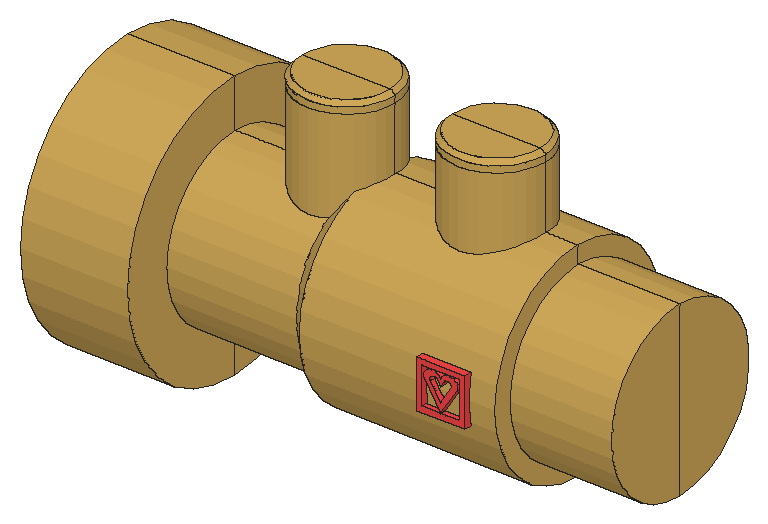
Revit family "HERZ Backflow Preventer 2623", category Rohrzubehör, Revit 2018
Family settings
  Bemaßung runder Anschluss = Durchmesser verwenden
  Teiletyp = Unterbricht
  OmniClass-Nummer = 23.65.55.14
  OmniClass-Titel = Valves for Liquid Services
  Arbeitsebenenbasiert = Nein
  Immer vertikal = Ja
  Beim Laden mit Abzugskörper schneiden = Nein
  Gemeinsam genutzt = Nein
Parameters
  Part number [instance] = size_lookup("2623_", "Artnr", 0, Nennweite)  # 1262304
  Note = "Pursuant to Article 33 of the REACH Regulation (EC No. 1907/2006), we are obliged to point out that the material lead is listed on the SVHC list and that all brass components manufactured in our products exceed 0.1% (w / w) lead (CAS: 7439-92-1 / EINECS: 231-100-4).\r\nSince lead is a component part of an alloy, actual exposure is not possible and therefore no additional information on safe use is necessary."
  Min. operating temperature (water) = 0.5 °C  # constant formula
  Min. operating temperature = -10 °C  # constant formula
  Max. operating temperature = 95 °C  # constant formula
  Max. operating pressure = 1600000.0 Pa  # constant formula
  W01 = 45.00°  # constant formula
  URL = "www.herzvalves.com"
  Plugs = "brass"  # constant formula
  SC_NennweiteBerechnet = 0
  SC_Dimension = ""
  SCTWSEQ = "FW;SBT_TYP_FW=\"108\";2"
  SCTWCODE = "04;14;02"  # constant formula
  S03 = 10.00 mm  # constant formula
  S02 [instance] = L00 / 2  # 44.00 mm
  S01 [instance] = (L00 / 2) + L07 - L06  # 59.00 mm
  Check valve = "POM (body), NBR (O-Ring), stainless steel AISI 302 (spring)"  # constant formula
  R01 = 9.00 mm  # constant formula
  Nennweite [instance] = 32.00 mm
  Medium = "clear liquids"  # constant formula
  LO1 [instance] = if(Nennweite = 20.00 mm, 18.00 mm, if(Nennweite = 25.00 mm, 18.00 mm, if(Nennweite = 32.00 mm, 24.00 mm, 1.00 mm)))  # 24.00 mm
  L07 [instance] = size_lookup("2623_", "L7", 1.00 mm, Nennweite)  # 20.00 mm
  L06 [instance] = size_lookup("2623_", "L6", 1.00 mm, Nennweite)  # 5.00 mm
  L05 [instance] = size_lookup("2623_", "L5", 1.00 mm, Nennweite) + L04  # 53.90 mm
  L04 [instance] = size_lookup("2623_", "L4", 1.00 mm, Nennweite)  # 25.90 mm
  L03 [instance] = size_lookup("2623_", "L3", 1.00 mm, Nennweite)  # 19.00 mm
  L02 [instance] = size_lookup("2623_", "L2", 1.00 mm, Nennweite)  # 32.50 mm
  L01 [instance] = size_lookup("2623_", "L1", 1.00 mm, Nennweite)  # 2.50 mm
  L00 [instance] = size_lookup("2623_", "L", 1.00 mm, Nennweite)  # 88.00 mm
  Female thread = "acc. to ISO 228"  # constant formula
  IG [instance] = Nennweite / 2  # 16.00 mm
  Hersteller = "HERZ Armaturen Ges.m.b.H."  # constant formula
  H02 = 2.00 mm  # constant formula
  H01 [instance] = size_lookup("2623_", "H1", 1.00 mm, Nennweite)  # 31.00 mm
  GT [instance] = size_lookup("2623_", "GT", 1.00 mm, Nennweite)  # 12.00 mm
  End fitting = "forged brass"  # constant formula
  Sealing = "EPDM"  # constant formula
  D04 [instance] = size_lookup("2623_", "D4", 1.00 mm, Nennweite)  # 25.00 mm
  D03 [instance] = size_lookup("2623_", "D3", 1.00 mm, Nennweite)  # 19.30 mm
  D02 [instance] = size_lookup("2623_", "D2", 1.00 mm, Nennweite)  # 16.00 mm
  D01 [instance] = size_lookup("2623_", "D1", 1.00 mm, Nennweite)  # 18.90 mm
  Body = "forged brass according to EN 12420"  # constant formula
  Male thread = "acc. to ISO 228"  # constant formula
  Application = "The check valve is suitable for central heating systems to prevent backflow.\r\nThis product can be used, in general, with different media, but liquids must be clear.\r\nThe valve can be used in any position.\r\nThe flow direction is indicated by an arrow on the body.\r\nThe check valve is spring-loaded by means of an axial guide and can be operated both at low and at high pressures.\r\nTwo bores 1/4“ plugs are fitted for measuring purposes."
  AG [instance] = Nennweite / 2  # 16.00 mm
Reference planes
  plane 1 "Mitte (Vorne/hinten)": y = 0
  plane 2: z = 0
  plane 3 "Mitte (Links/rechts)": x = 0
Forms (mm)
  Revolve 1, solid, material "Messing, weicher Gelbton, geschweißt", detail levels fine
    sketch origin (0, 0, 0) x (1, 0, 0) y (0, 0, 1)
      loop
        line (-44, 0) -> (44, 0) -> (44, 16) -> (25, 16) -> (25, 19.3) -> (-11.5, 19.3) -> (-14.8, 16) -> (-41.5, 16) -> (-41.5, 18.9) -> (-44, 18.9) -> (-44, 0)
      axis (-44, 0) -> (44, 0)
    angle from 0 to 360
  Revolve 2, solid, material "Messing, weicher Gelbton, geschweißt", detail levels fine
    sketch origin (0, 0, 0) x (1, 0, 0) y (0, 0, 1)
      loop
        line (-18.1, 0) -> (-9.1, 0) -> (-9.1, 31) -> (-18.1, 31) -> (-18.1, 0)
      axis (-18.1, 31) -> (-18.1, 0)
    angle from 0 to 360
  Revolve 3, solid, material "Messing, weicher Gelbton, geschweißt", detail levels fine
    sketch origin (0, 0, 0) x (1, 0, 0) y (0, 0, 1)
      loop
        line (9.9, 0) -> (18.9, 0) -> (18.9, 31) -> (9.9, 31) -> (9.9, 0)
      axis (9.9, 31) -> (9.9, 0)
    angle from 0 to 360
  Revolve 4, solid, material "Messing, weicher Gelbton, geschweißt", detail levels fine
    sketch origin (0, 0, 0) x (1, 0, 0) y (0, 0, 1)
      loop
        line (-39, 0) -> (-39, 25) -> (-59, 25) -> (-59, 16) -> (-47, 16) -> (-47, 0) -> (-39, 0)
      axis (-59, 0) -> (-39, 0)
    angle from 0 to 360
  Revolve 5, solid, material "Messing, weicher Gelbton, geschweißt", detail levels fine
    sketch origin (0, 0, 0) x (1, 0, 0) y (0, 0, 1)
      loop
        line (-18.1, 31) -> (-9.1, 31) -> (-9.1, 32.2) -> (-9.9, 33) -> (-18.1, 33) -> (-18.1, 31)
      axis (-18.1, 33) -> (-18.1, 31)
    angle from 0 to 360
  Revolve 6, solid, material "Messing, weicher Gelbton, geschweißt", detail levels fine
    sketch origin (0, 0, 0) x (1, 0, 0) y (0, 0, 1)
      loop
        line (9.9, 31) -> (18.9, 31) -> (18.9, 32.2) -> (18.1, 33) -> (9.9, 33) -> (9.9, 31)
      axis (9.9, 31) -> (9.9, 33)
    angle from 0 to 360
Lines and regions (mm)
  model lines, detail levels coarse+medium
    curve 1: line (-59, 0, 25) -> (-59, 0, -25)
    curve 2: line (-59, 0, 25) -> (44, 0, -25)
    curve 3: line (44, 0, -25) -> (44, 0, 25)
    curve 4: circle (-59, 0, 25) r 10 normal (0, -1, 0)
    curve 5: line (-59, -25, 0) -> (-59, 25, 0)
    curve 6: line (-59, 25, 0) -> (44, -25, 0)
    curve 7: line (44, -25, 0) -> (44, 25, 0)
    curve 8: circle (-59, 25, 0) r 10 normal (0, 0, 1)
Dimensions and locks
  equal spacing: Revolve 1 sketch curve, plane 3 "Mitte (Links/rechts)", Revolve 1 sketch curve
  "L00": Revolve 1 sketch curve to Revolve 1 sketch curve
  "AG": Revolve 1 sketch curve to plane 2
  "L01": Revolve 1 sketch curve to Revolve 1 sketch curve
  "L02": Revolve 1 sketch curve to Revolve 1 sketch curve
  "D01": Revolve 1 sketch curve to plane 2
  "D02": Revolve 1 sketch curve to plane 2
  "D03": Revolve 1 sketch curve to plane 2
  "L03": Revolve 1 sketch curve to Revolve 1 sketch curve
  "R01": Revolve 2 sketch curve to Revolve 2 sketch curve
  "H01": Revolve 2 sketch curve to plane 2
  "L04": Revolve 1 to Revolve 2 sketch curve
  "L05": Revolve 1 to Revolve 3 sketch curve
  "R01": Revolve 3 sketch curve to Revolve 3 sketch curve
  "H01": Revolve 3 sketch curve to plane 2
  "D03": nested 1 to plane 1 "Mitte (Vorne/hinten)"
  "LO1": nested 1 to Revolve 1
  "L06": Revolve 1 to Revolve 4 sketch curve
  "L07": Revolve 4 sketch curve to Revolve 4 sketch curve
  "GT": Revolve 4 sketch curve to Revolve 4 sketch curve
  "D04": Revolve 4 sketch curve to plane 2
  "IG": Revolve 4 sketch curve to Revolve 4 sketch curve
  "H01": Revolve 5 sketch curve to plane 2
  "H02": Revolve 5 sketch curve to Revolve 5 sketch curve
  "R01": Revolve 5 sketch curve to Revolve 5 sketch curve
  "L04": Revolve 1 to Revolve 5 sketch curve
  "R01": Revolve 6 sketch curve to Revolve 6 sketch curve
  "H01": Revolve 6 sketch curve to plane 2
  "H02": Revolve 6 sketch curve to Revolve 6 sketch curve
  "L05": Revolve 6 sketch curve to Revolve 1
  "D04": curve 2 to plane 2 to curve 1
  "D04": curve 3 to plane 2 to curve 3
  "S01": curve 1 to plane 3 "Mitte (Links/rechts)"
  "S02": curve 3 to plane 3 "Mitte (Links/rechts)"
  "S01": plane 3 "Mitte (Links/rechts)" to curve 4
  "D04": curve 5 to plane 1 "Mitte (Vorne/hinten)" to curve 6
  "D04": curve 7 to plane 1 "Mitte (Vorne/hinten)" to curve 7
  "S01": curve 5 to plane 3 "Mitte (Links/rechts)"
  "S02": plane 3 "Mitte (Links/rechts)" to curve 7
  "S01": curve 8 to plane 3 "Mitte (Links/rechts)"
  "S03": radius of curve 4
  "S03": radius of curve 8
  "W01": angle Revolve 1 sketch curve to Revolve 1 sketch curve
  "W01": angle Revolve 5 sketch curve to Revolve 5 sketch curve
  "W01": angle Revolve 6 sketch curve to Revolve 6 sketch curve
  aligned and locked: level to plane 2
Automatic sketch dimensions
  curve 4 to curve 1 = 0.00 mm
  curve 8 to curve 5 = 0.00 mm
  Revolve 1 sketch curve to level = 0.00 mm  (x2)
  Revolve 1 sketch curve to Revolve 1 sketch curve = 0.00 mm
  Revolve 1 sketch curve to Revolve 1 sketch curve = 1805.148 mm
  Revolve 2 sketch curve to level = 0.00 mm  (x2)
  Revolve 2 sketch curve to Revolve 2 sketch curve = 0.00 mm  (x2)
  Revolve 3 sketch curve to level = 0.00 mm  (x2)
  Revolve 3 sketch curve to Revolve 3 sketch curve = 0.00 mm  (x2)
  Revolve 4 sketch curve to level = 0.00 mm  (x2)
  Revolve 4 sketch curve to Revolve 4 sketch curve = 1461.53 mm
  plane 3 "Mitte (Links/rechts)" to Revolve 4 sketch curve = 1839.148 mm
  Revolve 5 sketch curve to Revolve 5 sketch curve = 0.00 mm  (x3)
  Revolve 5 sketch curve to Revolve 5 sketch curve = 0.80 mm
  Revolve 6 sketch curve to Revolve 6 sketch curve = 0.00 mm  (x3)
  Revolve 6 sketch curve to Revolve 6 sketch curve = 0.80 mm
Nested families
  nested 1: "Herz-Logo-vorne" at (15.5, -19.3, 0) x (0, 1, 0) z (0, 0, 1), type "Herz-Logo-vorne", detail levels fine
Connectors
  piping at (44, 0, 0), diameter 32, driven by "Nennweite"
    settings: on Revolve 1, index 2, connector inside diameter 609.6 mm, connector length 0.00 mm, flow factor 0, pipe flow 0.0 L/s, pressure drop 0.0 Pa, fitting loss kfactor 0, connector angle 0.00°, fixture units 0, engagement length 0.00 mm, angle of deflection 0.00°, flow configuration 0, flow direction 2, fitting loss method 0, system type 29, joint type 0, gender type 0, connector reference index -1, connector utility 0, adjustable connector no, is connector primary yes, connector description ""
  piping at (-47, 0, 0), diameter 32, driven by "Nennweite"
    settings: on Revolve 4, index 3, connector inside diameter 609.6 mm, connector length 0.00 mm, flow factor 0, pipe flow 0.0 L/s, pressure drop 0.0 Pa, fitting loss kfactor 0, connector angle 0.00°, fixture units 0, engagement length 0.00 mm, angle of deflection 0.00°, flow configuration 0, flow direction 1, fitting loss method 0, system type 29, joint type 0, gender type 0, connector reference index -1, connector utility 0, adjustable connector no, is connector primary no, connector description ""
Definition of nested family "Herz-Logo-vorne"
  Reference planes
    plane 1 "Mitte (Vorne/hinten)": y = 0
    plane 2: z = 0
    plane 3 "Mitte (Links/rechts)": x = 0
  Forms (mm)
    Extrusion 1, solid
      sketch origin (0.732, -0.018, 0.017) x (0, -1, 0) y (0, 0, 1)
        loop
          line (-0.018, -4.517) -> (4.482, -4.517) -> (4.482, 4.483) -> (-4.518, 4.483) -> (-4.518, -4.517) -> (-0.018, -4.517)
        loop
          line (-0.05, -3.48) -> (3.482, -3.48) -> (3.482, 3.483) -> (-3.518, 3.483) -> (-3.518, -3.48) -> (-0.05, -3.48)
        loop
          arc (-0.018, 2.383) -> (-1.543, 3.287) -> (-3.067, 2.383) r 1.738
          arc (-3.067, 2.383) -> (-3.191, 1.899) -> (-3.067, 1.415) r 1.009
          line (-3.067, 1.415) -> (-0.018, -3.281) -> (3.032, 1.415)
          arc (3.032, 1.415) -> (3.156, 1.899) -> (3.032, 2.383) r 1.009
          arc (3.032, 2.383) -> (1.507, 3.287) -> (-0.018, 2.383) r 1.738
        loop
          arc (1.885, 1.272) -> (2.005, 1.675) -> (1.885, 2.079) r 0.74
          arc (1.885, 2.079) -> (1.265, 2.416) -> (0.644, 2.079) r 0.74
          line (0.644, 2.079) -> (-0.018, 0.97) -> (-0.679, 2.079)
          arc (-0.679, 2.079) -> (-1.3, 2.416) -> (-1.921, 2.079) r 0.74
          arc (-1.921, 2.079) -> (-2.04, 1.675) -> (-1.921, 1.272) r 0.74
          line (-1.921, 1.272) -> (-0.018, -1.658) -> (1.885, 1.272)
      from 0 to 1.5
  Dimensions and locks
    aligned and locked: level to plane 2
